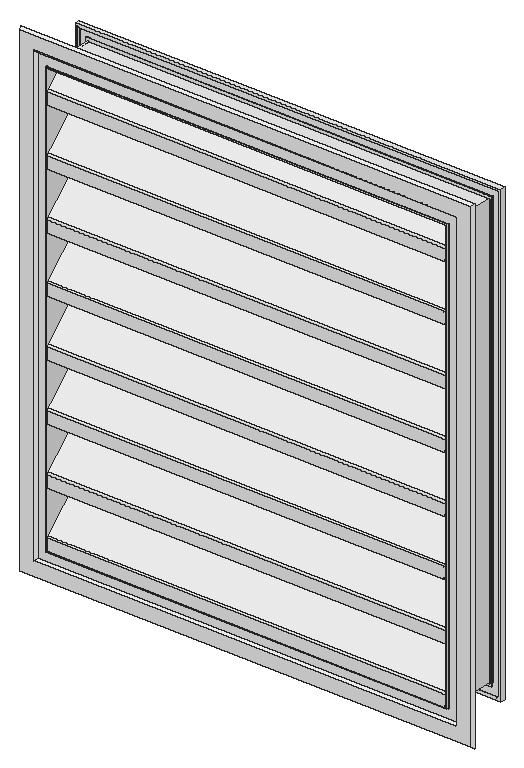
Revit family
Parameters (values of type "OHL-F-102")
  URL = "http://www.productspec.net/products/18505/holyoake-industries-ltd/large-blade-outside-horizontal-louvers-ohl-102.aspx"
  Type Comments = "102mm Horizontal Curved Profile Louvers in Flanged Surround"
  Technical Data = "http://www.collate.co.nz/nas/TechnicalFiles/2367/p18505/F1-F2%20OHL102%20124.pdf"
  Ownership = "Holyoake Industries Limited"
  Overall Opening = Exact Neck Height - 47.00 mm  # 773.00 mm
  Overall Depth = 38.30 mm
  Nominal Width = 766.00 mm
  Nominal Height = 826.00 mm
  Model = "OHL-F-102"
  Manufacturer = "Holyoake Industries Limited"
  Keynote = ""
  Flange Width = 25.40 mm
  Louver Depth = 106.35 mm
  Exact Overall Flange Height = Nominal Height + 44.80 mm  # 870.80 mm
  Exact Overall Flange Width = Nominal Width + 44.80 mm  # 810.80 mm
  Exact Neck Width = Nominal Width - 6.00 mm  # 760.00 mm
  Exact Neck Height = Nominal Height - 6.00 mm  # 820.00 mm
  Description = "Holyoake Outside Horizontal Louvre"
  Created By = "Productspec Limited"
  Frame & Blades = Aluminium
  Top Blade Height = Overall Opening - Blade Cut Setout  # 59.00 mm
  Connector Width = Exact Neck Width - 71.00 mm  # 689.00 mm
  Connector Height = Exact Neck Height - 71.00 mm  # 749.00 mm
  Blade Width = 101.40 mm
  Blade Pitch = 102.00 mm
  Blade Offset = (Louver Depth - Blade Width) / 2  # 2.475 mm
  Blade Length = Exact Neck Width - 47.00 mm  # 713.00 mm
  Blade Height = 134.90 mm
  Blade Cut Setout = Blade Count * Blade Pitch  # 714.00 mm
  Blade Count = Blade Array Count - 1  # 7
  Blade Array Count = Overall Opening / Blade Pitch  # 7.5784
  Author = "Zinder Zhao"
  Assembly Code = ""
  Accessories = "Aluminium Bird mesh or insect mesh (fibreglass)"
Reference planes
  plane 1 "Flange Origin": y = 0
  plane 2: z = 23.5
  plane 3 "Center (Left/Right)": x = -20.2
  plane 4 "Overall Opening": z = 796.5
  plane 5: y = 101.3
  plane 6: z = 125.5
  plane 7: x = -403.2
  plane 8: x = 359.8
  plane 9: x = -425.6
  plane 10: x = 362.8
  plane 11: x = -400.2
  plane 12: z = 845.4
  plane 13: z = 820
  plane 14: z = 823
  plane 15: z = 410
  plane 16: z = 158.4
  plane 17 "Cut Blade Setout": z = 737.5
  plane 18 "Center (Front/Back)": y = -5.05
  plane 19: x = 385.2
  plane 20: z = -25.4
  plane 21: z = 0
  plane 22 "Blade Offset": y = -2.575
  plane 23: y = 98.825
  plane 24: z = -3
  plane 25: z = 784.5
  plane 26: z = 35.5
  plane 27: x = -364.7
  plane 28: x = 324.3
  plane 29: x = -376.7
  plane 30: x = 336.3
Forms (mm)
  Sweep 1, solid, material "Aluminium" <- "Frame & Blades", detail levels fine
    path origin (0, 0, 0) x (1, 0, 0) y (0, 0, 1)
      loop
        line (336.3, 23.5) -> (336.3, 796.5) -> (-376.7, 796.5) -> (-376.7, 23.5) -> (336.3, 23.5)
    profile "Holyoake_OutsideLouvre_OHL-102_Flange_profile : OHL-102 Flange Profile" origin (336.3, 0, 410) x (-1, 0, 0) y (0, -1, 0)
      loop
        line (12, -101.3) -> (12, -99.9) -> (0, -99.9) -> (0, 1.9) -> (-1.4, 1.9) -> (-1.4, 0) -> (-17.713, 0) -> (-21.95, 5.05) -> (-45.984, 5.05) -> (-48.9, 0) -> (-45.984, 0) -> (-42.484, 3.5) -> (-24.566, 3.5) -> (-23.5, 2.23) -> (-23.5, -8.2) -> (-18.8, -8.2) -> (-18.8, -6.9) -> (-21.95, -6.9) -> (-21.95, -1.3) -> (-2.95, -1.3) -> (-2.95, -6.9) -> (-6.1, -6.9) -> (-6.1, -8.2) -> (-1.4, -8.2) -> (-1.4, -91.2) -> (-6.1, -91.2) -> (-6.1, -92.5) -> (-2.95, -92.5) -> (-2.95, -98.1) -> (-21.95, -98.1) -> (-21.95, -92.5) -> (-18.8, -92.5) -> (-18.8, -91.2) -> (-23.5, -91.2) -> (-23.5, -99.4) -> (-1.4, -99.4) -> (-1.4, -101.3) -> (12, -101.3)
  Extrusion 2, solid, material "Aluminium" <- "Frame & Blades", detail levels coarse+medium
    sketch origin (0, 0, 0) x (1, 0, 0) y (0, 1, 0)
      loop
        line (-400.2, 101.3) -> (-400.2, -5.05) -> (359.8, -5.05) -> (359.8, 101.3) -> (-400.2, 101.3)
    from 0 to 820
Dimensions and locks
  "Overall Opening": plane 4 "Overall Opening" to plane 2
  equal spacing: group 1, group 2, group 3, group 4, group 5, group 6, group 7  (x3)
  "Blade Pitch": plane 6 to plane 2
  "Blade Cut Setout": plane 17 "Cut Blade Setout" to plane 2
  "Louver Depth": plane 5 to plane 18 "Center (Front/Back)"
  "Blade Height": plane 16 to plane 2
  "Blade Offset": plane 22 "Blade Offset" to plane 18 "Center (Front/Back)"
  "Blade Width": plane 23 to plane 22 "Blade Offset"
  equal spacing: plane 11, plane 3 "Center (Left/Right)", plane 8
  "Exact Neck Width": plane 11 to plane 8
  "Nominal Width": plane 7 to plane 10
  "Exact Overall Flange Width": plane 9 to plane 19
  locked: plane 7 to plane 11 at 3
  equal spacing: plane 13, plane 15, plane 21
  "Exact Neck Height": plane 13 to plane 21
  "Nominal Height": plane 14 to plane 24
  "Exact Overall Flange Height": plane 12 to plane 20
  locked: plane 14 to plane 13 at 3
  "Connector Height": plane 26 to plane 25
  "Connector Width": plane 27 to plane 28
  locked: plane 29 to plane 27 at 12
  "Blade Length": plane 29 to plane 30
  locked: plane 4 "Overall Opening" to plane 25 at 12
  "Flange Width": plane 9 to plane 11
  locked: plane 11 to plane 29 at 23.5
  "Flange Width": plane 12 to plane 13
  locked: plane 13 to plane 4 "Overall Opening" at 23.5
  aligned and locked: plane 4 "Overall Opening" to Sweep 1 sketch curve
  aligned and locked: Sweep 1 sketch curve to plane 2
  aligned and locked: Sweep 1 to plane 4 "Overall Opening"
  aligned and locked: nested 1 to plane 2  (x2)
  aligned and locked: nested 2 to plane 6  (x2)
  aligned and locked: plane 16 to nested 1  (x2)
  aligned and locked: Sweep 1 to plane 18 "Center (Front/Back)"  (x2)
  aligned and locked: nested 1 to plane 22 "Blade Offset"  (x2)
  aligned and locked: nested 2 to plane 22 "Blade Offset"  (x2)
  aligned and locked: plane 23 to nested 1
  aligned and locked: plane 23 to nested 2
  aligned and locked: plane 22 "Blade Offset" to nested 3  (x3)
  aligned and locked: plane 2 to Sweep 1
  aligned and locked: nested 1 to plane 23
  aligned and locked: nested 3 to plane 17 "Cut Blade Setout"  (x2)
  aligned and locked: Sweep 1 to plane 1 "Flange Origin"
  aligned and locked: plane 4 "Overall Opening" to nested 3
  aligned and locked: Sweep 1 to plane 2
  aligned and locked: plane 28 to Sweep 1
  aligned and locked: Sweep 1 to plane 27
  aligned and locked: plane 29 to nested 1
  aligned and locked: plane 30 to nested 1
  aligned and locked: nested 3 to plane 29  (x2)
  aligned and locked: nested 3 to plane 30  (x2)
  aligned and locked: plane 11 to Extrusion 2 sketch curve
  aligned and locked: Extrusion 2 sketch curve to plane 5
  aligned and locked: plane 18 "Center (Front/Back)" to Extrusion 2 sketch curve
  aligned and locked: Extrusion 2 sketch curve to plane 8
  aligned and locked: Extrusion 2 to plane 21
  aligned and locked: plane 13 to Extrusion 2
Automatic sketch dimensions
  plane 27 to Sweep 1 sketch curve = 12.00 mm
  Sweep 1 sketch curve to plane 28 = 12.00 mm
Nested families
  nested 1: "Holyoake_OutsideLouvre_OHL-102_Blade" at (-20.2, -2.575, 23.5), type "Holyoake_OutsideLouvre_OHL-102_Blade"
    with Length 713.00 mm
  nested 2: "Holyoake_OutsideLouvre_OHL-102_Blade" at (-20.2, -2.575, 125.5), type "Holyoake_OutsideLouvre_OHL-102_Blade"
    with Length 713.00 mm
  nested 3: "Holyoake_OutsideLouvre_OHL-102_BladeCutted" at (-20.2, -2.575, 737.5), type "Holyoake_OutsideLouvre_OHL-102_BladeCutted"
    with Length 713.00 mm
  nested 4: "Holyoake_OutsideLouvre_OHL-102_Blade" at (-20.2, -2.575, 227.5), type "Holyoake_OutsideLouvre_OHL-102_Blade"
    with Length 713.00 mm
  nested 5: "Holyoake_OutsideLouvre_OHL-102_Blade" at (-20.2, -2.575, 329.5), type "Holyoake_OutsideLouvre_OHL-102_Blade"
    with Length 713.00 mm
  nested 6: "Holyoake_OutsideLouvre_OHL-102_Blade" at (-20.2, -2.575, 431.5), type "Holyoake_OutsideLouvre_OHL-102_Blade"
    with Length 713.00 mm
  nested 7: "Holyoake_OutsideLouvre_OHL-102_Blade" at (-20.2, -2.575, 533.5), type "Holyoake_OutsideLouvre_OHL-102_Blade"
    with Length 713.00 mm
  nested 8: "Holyoake_OutsideLouvre_OHL-102_Blade" at (-20.2, -2.575, 635.5), type "Holyoake_OutsideLouvre_OHL-102_Blade"
    with Length 713.00 mm
Connectors
  hvac at (-20.2, 101.3, 410), driven by "Connector Height", driven by "Connector Width"
    settings: on Sweep 1, index 1
Definition of nested family "Holyoake_OutsideLouvre_OHL-102_Blade"
  Parameters (values of type "Holyoake_OutsideLouvre_OHL-102_Blade")
    Width = 101.40 mm
    URL = "http://www.holyoake.co.nz/407.0.html"
    Type Comments = "Outside Louvre Blade"
    Ownership = "Holyoake Industries Ltd"
    Model = "OHL-102 Blade"
    Manufacturer = "Holyoake Industries Ltd"
    Length = 688.00 mm
    Height = 134.90 mm
    Created By = "Productspec Ltd"
    Blade = Aluminium
    Author = "Zinder Zhao"
    Assembly Code = ""
  Reference planes
    plane 1 "Center (Front/Back)": y = 0
    plane 2: z = 0
    plane 3 "Center (Left/Right)": x = 0
    plane 4: x = -344
    plane 5: x = 344
    plane 6: z = 134.9
    plane 7: y = 101.4
  Forms (mm)
    Sweep 1, solid, material "Aluminium" <- "Blade", detail levels fine
      path origin (0, 0, 0) x (1, 0, 0) y (0, 1, 0)
        loop
          line (-344, 0) -> (344, 0)
      profile "Holyoake_OutsideLouvre_OHL-102_Blade_profile : OHL-102 Blade Profile" origin (0, 0, 0) x (0, 1, 0) y (0, 0, 1)
        loop
          arc (3.972, 1.479) -> (4.111, 2.267) -> (3.498, 2.781) r 0.8
          line (3.498, 2.781) -> (2.071, 2.116)
          arc (2.071, 2.116) -> (1.586, 2.28) -> (1.3, 2.704) r 0.8
          line (1.3, 2.704) -> (1.3, 20.828)
          arc (1.3, 20.828) -> (1.61, 22.352) -> (2.491, 23.634) r 3.9
          line (2.491, 23.634) -> (70.385, 89.198)
          arc (70.385, 89.198) -> (71.887, 92.732) -> (71.132, 96.497) r 6.5
          line (71.132, 96.497) -> (68.665, 99.998)
          arc (68.665, 99.998) -> (68.163, 102.307) -> (69.469, 104.276) r 3.036
          line (69.469, 104.276) -> (88.354, 117.469) -> (88.354, 119.37)
          arc (88.354, 119.37) -> (88.595, 119.868) -> (89.098, 120.1) r 0.821
          line (89.098, 120.1) -> (94.898, 120.1) -> (94.898, 122.09) -> (100.723, 122.09)
          arc (100.723, 122.09) -> (101.182, 122.329) -> (101.4, 122.798) r 0.8
          line (101.4, 122.798) -> (101.4, 134.9) -> (100.6, 134.9) -> (97.428, 133.421)
          arc (97.428, 133.421) -> (97.289, 132.633) -> (97.902, 132.119) r 0.8
          line (97.902, 132.119) -> (99.329, 132.784)
          arc (99.329, 132.784) -> (99.813, 132.62) -> (100.1, 132.196) r 0.8
          line (100.1, 132.196) -> (100.1, 124.103)
          arc (100.1, 124.103) -> (99.87, 123.62) -> (99.387, 123.39) r 0.8
          line (99.387, 123.39) -> (93.598, 123.39) -> (93.598, 121.4) -> (87.811, 121.4)
          arc (87.811, 121.4) -> (87.321, 121.147) -> (87.101, 120.641) r 0.821
          line (87.101, 120.641) -> (87.101, 118.177) -> (68.933, 105.453)
          arc (68.933, 105.453) -> (66.907, 102.649) -> (67.597, 99.258) r 4.309
          line (67.597, 99.258) -> (70.023, 95.815)
          arc (70.023, 95.815) -> (70.595, 92.874) -> (69.449, 90.106) r 5.2
          line (69.449, 90.106) -> (1.588, 24.573)
          arc (1.588, 24.573) -> (0.413, 22.865) -> (0, 20.833) r 5.2
          line (0, 20.833) -> (0, 0) -> (0.8, 0) -> (3.972, 1.479)
  Dimensions and locks
    equal spacing: plane 4, plane 3 "Center (Left/Right)", plane 5
    "Length": plane 4 to plane 5
    "Height": plane 2 to plane 6
    "Width": plane 7 to plane 1 "Center (Front/Back)"
    aligned and locked: plane 1 "Center (Front/Back)" to Sweep 1 sketch curve
    aligned and locked: level to plane 2
    aligned and locked: plane 4 to Sweep 1
    aligned and locked: plane 5 to Sweep 1
    aligned and locked: Sweep 1 to plane 2
    aligned and locked: Sweep 1 to plane 6
    aligned and locked: plane 1 "Center (Front/Back)" to Sweep 1
  Automatic sketch dimensions
    Sweep 1 sketch curve to plane 4 = 0.00 mm
    Sweep 1 sketch curve to plane 5 = 0.00 mm
Definition of nested family "Holyoake_OutsideLouvre_OHL-102_BladeCutted"
  Parameters (values of type "Holyoake_OutsideLouvre_OHL-102_BladeCutted")
    Width = 101.40 mm
    URL = "http://www.holyoake.co.nz/407.0.html"
    Type Comments = "Outside Louvre Blade"
    Ownership = "Holyoake Industries Ltd"
    Model = "OHL-102 Blade"
    Manufacturer = "Holyoake Industries Ltd"
    Length = 688.00 mm
    Height = 134.90 mm
    Created By = "Productspec Ltd"
    Blade Cut Setout = 59.00 mm
    Blade = Aluminium
    Author = "Zinder Zhao"
    Assembly Code = ""
  Reference planes
    plane 1 "Center (Front/Back)": y = 0
    plane 2: z = 0
    plane 3 "Center (Left/Right)": x = 0
    plane 4 "Left": x = -344
    plane 5 "Right": x = 344
    plane 6 "Top": z = 134.9
    plane 7: y = 101.4
    plane 8: z = 59
  Forms (mm)
    Sweep 1, solid, material "Aluminium" <- "Blade", detail levels fine
      path origin (0, 0, 0) x (1, 0, 0) y (0, 1, 0)
        loop
          line (-344, 0) -> (344, 0)
      profile "Holyoake_OutsideLouvre_OHL-102_Blade_profile : OHL-102 Blade Profile" origin (0, 0, 0) x (0, 1, 0) y (0, 0, 1)
        loop
          arc (3.972, 1.479) -> (4.111, 2.267) -> (3.498, 2.781) r 0.8
          line (3.498, 2.781) -> (2.071, 2.116)
          arc (2.071, 2.116) -> (1.586, 2.28) -> (1.3, 2.704) r 0.8
          line (1.3, 2.704) -> (1.3, 20.828)
          arc (1.3, 20.828) -> (1.61, 22.352) -> (2.491, 23.634) r 3.9
          line (2.491, 23.634) -> (70.385, 89.198)
          arc (70.385, 89.198) -> (71.887, 92.732) -> (71.132, 96.497) r 6.5
          line (71.132, 96.497) -> (68.665, 99.998)
          arc (68.665, 99.998) -> (68.163, 102.307) -> (69.469, 104.276) r 3.036
          line (69.469, 104.276) -> (88.354, 117.469) -> (88.354, 119.37)
          arc (88.354, 119.37) -> (88.595, 119.868) -> (89.098, 120.1) r 0.821
          line (89.098, 120.1) -> (94.898, 120.1) -> (94.898, 122.09) -> (100.723, 122.09)
          arc (100.723, 122.09) -> (101.182, 122.329) -> (101.4, 122.798) r 0.8
          line (101.4, 122.798) -> (101.4, 134.9) -> (100.6, 134.9) -> (97.428, 133.421)
          arc (97.428, 133.421) -> (97.289, 132.633) -> (97.902, 132.119) r 0.8
          line (97.902, 132.119) -> (99.329, 132.784)
          arc (99.329, 132.784) -> (99.813, 132.62) -> (100.1, 132.196) r 0.8
          line (100.1, 132.196) -> (100.1, 124.103)
          arc (100.1, 124.103) -> (99.87, 123.62) -> (99.387, 123.39) r 0.8
          line (99.387, 123.39) -> (93.598, 123.39) -> (93.598, 121.4) -> (87.811, 121.4)
          arc (87.811, 121.4) -> (87.321, 121.147) -> (87.101, 120.641) r 0.821
          line (87.101, 120.641) -> (87.101, 118.177) -> (68.933, 105.453)
          arc (68.933, 105.453) -> (66.907, 102.649) -> (67.597, 99.258) r 4.309
          line (67.597, 99.258) -> (70.023, 95.815)
          arc (70.023, 95.815) -> (70.595, 92.874) -> (69.449, 90.106) r 5.2
          line (69.449, 90.106) -> (1.588, 24.573)
          arc (1.588, 24.573) -> (0.413, 22.865) -> (0, 20.833) r 5.2
          line (0, 20.833) -> (0, 0) -> (0.8, 0) -> (3.972, 1.479)
    Extrusion 2, void
      sketch origin (0, 0, 0) x (1, 0, 0) y (0, 0, 1)
        loop
          line (-344, 250) -> (-344, 59) -> (344, 59) -> (344, 250) -> (-344, 250)
      from -101.4 to 0
  Cuts and joins
    Extrusion 2 cuts Sweep 1
  Dimensions and locks
    equal spacing: plane 4 "Left", plane 3 "Center (Left/Right)", plane 5 "Right"
    "Length": plane 4 "Left" to plane 5 "Right"
    "Height": plane 2 to plane 6 "Top"
    "Width": plane 7 to plane 1 "Center (Front/Back)"
    "Blade Cut Setout": plane 8 to plane 2
    aligned and locked: plane 1 "Center (Front/Back)" to Sweep 1 sketch curve
    aligned and locked: level to plane 2
    aligned and locked: plane 4 "Left" to Sweep 1
    aligned and locked: plane 5 "Right" to Sweep 1
    aligned and locked: Extrusion 2 to plane 4 "Left"
    aligned and locked: plane 5 "Right" to Extrusion 2
    aligned and locked: plane 1 "Center (Front/Back)" to Extrusion 2
    aligned and locked: Extrusion 2 to plane 8
    aligned and locked: Extrusion 2 to Sweep 1
  Automatic sketch dimensions
    Sweep 1 sketch curve to plane 4 "Left" = 0.00 mm
    Sweep 1 sketch curve to plane 5 "Right" = 0.00 mm
    plane 6 "Top" to Extrusion 2 sketch curve = 75.90 mm
    plane 4 "Left" to Extrusion 2 sketch curve = 0.00 mm
    plane 3 "Center (Left/Right)" to Extrusion 2 sketch curve = 344.00 mm
    Extrusion 2 sketch curve to plane 6 "Top" = 115.10 mm
